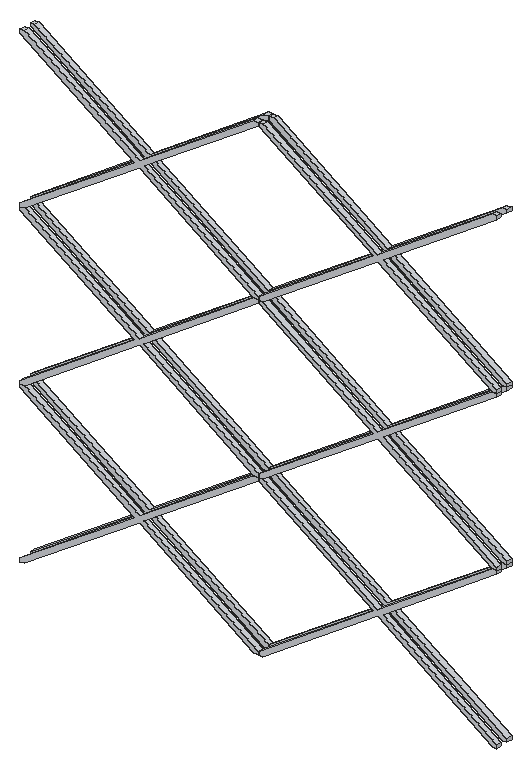
Revit family "M_Padrão do montante_diamante_3x2", category Modelos genéricos, Revit 2019
Family settings
  Pode hospedar o vergalhão = Não
  Cota do conector redondo = Utilizar diâmetro
  Tipo de parte = Normal
  Com base no plano de trabalho = Não
  Sempre na vertical = Sim
  Corte com vazios quando carregada = Não
  Compartilhado = Não
  Ponto de cálculo do ambiente = Não
Parameters
  Largura [instance] = 1200 mm
  Espessura = 12.7 mm
  Altura [instance] = 1200 mm
  Material interior [instance] = none
  Material externo [instance] = none
  Distância = 19.05 mm
Reference planes
  plane 1 "Centro (Frente/Trás)": y = 0
  plane 2: z = 0
  plane 3 "Centro (Esquerda/Direita)": x = 0
  plane 4: z = 1200
  plane 5: x = -600
  plane 6: x = 600
  plane 7: z = 800
  plane 8: z = 400
Dimensions and locks
  equal spacing: plane 6, plane 3 "Centro (Esquerda/Direita)", plane 5
  "Largura": plane 6 to plane 5
  "Altura": plane 4 to plane 2
  equal spacing: plane 4, plane 7, plane 8, plane 2
  aligned and locked: plane 2 to level
  aligned and locked: plane 3 "Centro (Esquerda/Direita)" to nested 2
  aligned and locked: plane 3 "Centro (Esquerda/Direita)" to nested 6
  aligned and locked: plane 3 "Centro (Esquerda/Direita)" to nested 1
  aligned and locked: plane 6 to nested 1
  aligned and locked: plane 6 to nested 6
  aligned and locked: plane 6 to nested 2
  aligned and locked: plane 3 "Centro (Esquerda/Direita)" to nested 3
  aligned and locked: plane 3 "Centro (Esquerda/Direita)" to nested 5
  aligned and locked: plane 3 "Centro (Esquerda/Direita)" to nested 4
  aligned and locked: plane 5 to nested 3
  aligned and locked: plane 5 to nested 5
  aligned and locked: plane 5 to nested 4
  aligned and locked: plane 2 to nested 3
  aligned and locked: plane 2 to nested 1
  aligned and locked: plane 8 to nested 3
  aligned and locked: plane 8 to nested 1
  aligned and locked: plane 8 to nested 5
  aligned and locked: plane 8 to nested 6
  aligned and locked: plane 7 to nested 5
  aligned and locked: plane 7 to nested 6
  aligned and locked: plane 7 to nested 4
  aligned and locked: plane 7 to nested 2
  aligned and locked: plane 4 to nested 4
  aligned and locked: plane 4 to nested 2
  aligned and locked: plane 1 "Centro (Frente/Trás)" to nested 1
  aligned and locked: plane 1 "Centro (Frente/Trás)" to nested 2
  aligned and locked: plane 1 "Centro (Frente/Trás)" to nested 3
  aligned and locked: plane 1 "Centro (Frente/Trás)" to nested 4
  aligned and locked: plane 1 "Centro (Frente/Trás)" to nested 6
  aligned and locked: plane 1 "Centro (Frente/Trás)" to nested 5
Nested families
  nested 1: "M_Padrão do montante_diamante" at (300, 0, 0), Material externo <- "Material externo", Material interior <- "Material interior", type "M_Padrão do montante_diamante"
    with W 600 mm, Material interior none, H 400 mm, Material externo none
  nested 2: "M_Padrão do montante_diamante" at (300, 0, 800), Material externo <- "Material externo", Material interior <- "Material interior", type "M_Padrão do montante_diamante"
    with W 600 mm, Material interior none, H 400 mm, Material externo none
  nested 3: "M_Padrão do montante_diamante" at (-300, 0, 0), Material externo <- "Material externo", Material interior <- "Material interior", type "M_Padrão do montante_diamante"
    with W 600 mm, Material interior none, H 400 mm, Material externo none
  nested 4: "M_Padrão do montante_diamante" at (-300, 0, 800), Material externo <- "Material externo", Material interior <- "Material interior", type "M_Padrão do montante_diamante"
    with W 600 mm, Material interior none, H 400 mm, Material externo none
  nested 5: "M_Padrão do montante_diamante" at (-300, 0, 400), Material externo <- "Material externo", Material interior <- "Material interior", type "M_Padrão do montante_diamante"
    with W 600 mm, Material interior none, H 400 mm, Material externo none
  nested 6: "M_Padrão do montante_diamante" at (300, 0, 400), Material externo <- "Material externo", Material interior <- "Material interior", type "M_Padrão do montante_diamante"
    with W 600 mm, Material interior none, H 400 mm, Material externo none
Definition of nested family "M_Padrão do montante_diamante"
  Parameters (values of type "M_Padrão do montante_diamante")
    W [instance] = 1200 mm
    Espessura = 12.7 mm
    H [instance] = 1200 mm
    Material interior [instance] = none
    Distância = 19.05 mm
    Material externo [instance] = none
  Reference planes
    plane 1 "Centro (Frente/Trás)": y = 0
    plane 2: z = 0
    plane 3 "Centro (Esquerda/Direita)": x = 0
    plane 4: z = 1200
    plane 5: x = -600
    plane 6: x = 600
    plane 7: z = 600
    plane 8: y = 9.525
    plane 9: y = -9.525
    plane 10: y = 22.225
    plane 11: y = -22.225
  Forms (mm)
    Extrusion 1, solid, material <- "Material externo", detail levels fine
      sketch origin (-600, 0, 1200) x (0.707107, 0, -0.707107) y (0.707107, 0, 0.707107)
        loop
          line (0, 6.35) -> (0, -6.35) -> (1697.056, -6.35) -> (1697.056, 6.35) -> (0, 6.35)
      from -22.225 to -9.525
    Extrusion 2, solid, material <- "Material externo", detail levels fine
      sketch origin (600, 0, 1200) x (-0.707107, 0, -0.707107) y (0.707107, 0, -0.707107)
        loop
          line (1697.056, 6.35) -> (0, 6.35) -> (0, -6.35) -> (1697.056, -6.35) -> (1697.056, 6.35)
      from -22.225 to -9.525
    Extrusion 3, void
      sketch origin (0, 0, 0) x (1, 0, 0) y (0, 0, 1)
        loop
          line (-600, 1200) -> (-600, 0) -> (600, 0) -> (600, 1200) -> (-600, 1200)
        loop
          line (-612.7, 1212.7) -> (-612.7, -12.7) -> (612.7, -12.7) -> (612.7, 1212.7) -> (-612.7, 1212.7)
      from -22.225 to 22.225
    Extrusion 4, solid, material <- "Material interior", detail levels fine
      sketch origin (-600, 0, 1200) x (0.707107, 0, -0.707107) y (0.707107, 0, 0.707107)
        loop
          line (0, 6.35) -> (0, -6.35) -> (1697.056, -6.35) -> (1697.056, 6.35) -> (0, 6.35)
      from 9.525 to 22.225
    Extrusion 5, solid, material <- "Material interior", detail levels fine
      sketch origin (600, 0, 1200) x (-0.707107, 0, -0.707107) y (0.707107, 0, -0.707107)
        loop
          line (0, -6.35) -> (1697.056, -6.35) -> (1697.056, 6.35) -> (0, 6.35) -> (0, -6.35)
      from 9.525 to 22.225
  Cuts and joins
    Extrusion 3 cuts Extrusion 1
    Extrusion 3 cuts Extrusion 2
    joined: Extrusion 1, Extrusion 2
    Extrusion 3 cuts Extrusion 4
    Extrusion 3 cuts Extrusion 5
    joined: Extrusion 4, Extrusion 5
  Lines and regions (mm)
    reference lines
      curve 1: line (-600, 0, 1200) -> (600, 0, 0)
      curve 2: line (600, 0, 1200) -> (-600, 0, 0)
      curve 3: line (-600, 0, 1200) -> (-447.336, 0, 1352.664)
      curve 4: line (600, 0, 0) -> (793.076, 0, 193.076)
      curve 5: line (-529.006, 0, 1120.026) -> (416.643, 0, 174.377)
      curve 6: line (-520.026, 0, 1129.006) -> (425.623, 0, 183.357)
      curve 7: line (600, 0, 1200) -> (469.786, 0, 1330.214)
      curve 8: line (-600, 0, 0) -> (-707.763, 0, 107.763)
      curve 9: line (-595.51, 0, -4.49) -> (557.214, 0, 1148.233)
      curve 10: line (-604.49, 0, 4.49) -> (548.233, 0, 1157.214)
    model lines, detail levels medium
      curve 11: line (600, 9.525, 0) -> (-600, 9.525, 1200)
      curve 12: line (600, 9.525, 1200) -> (-600, 9.525, 0)
      curve 13: line (600, -9.525, 0) -> (-600, -9.525, 1200)
      curve 14: line (600, -9.525, 1200) -> (-600, -9.525, 0)
  Dimensions and locks
    equal spacing: plane 6, plane 3 "Centro (Esquerda/Direita)", plane 5
    "W": plane 6 to plane 5
    "H": plane 4 to plane 2
    equal spacing: plane 4, plane 7, plane 2
    equal spacing: curve 5, curve 1, curve 6
    "Espessura": curve 5 to curve 6
    equal spacing: curve 9, curve 2, curve 10
    "Espessura": curve 9 to curve 10
    "Espessura": Extrusion 3 sketch curve to plane 6
    "Espessura": plane 2 to Extrusion 3 sketch curve
    "Espessura": plane 5 to Extrusion 3 sketch curve
    "Espessura": Extrusion 3 sketch curve to plane 4
    "Distância": plane 8 to plane 9
    equal spacing: plane 8, plane 1 "Centro (Frente/Trás)", plane 9
    "Espessura": plane 10 to plane 8
    "Espessura": plane 9 to plane 11
    locked: curve 1 to curve 3 (angle 90.00°)
    locked: curve 4 to curve 1 (angle 90.00°)
    locked: curve 7 to curve 2 (angle 90.00°)
    locked: curve 2 to curve 8 (angle 90.00°)
    aligned and locked: plane 2 to level
    aligned and locked: plane 4 to curve 1
    aligned and locked: plane 5 to curve 1
    aligned and locked: plane 2 to curve 2
    aligned and locked: plane 5 to curve 2
    aligned and locked: plane 6 to curve 1
    aligned and locked: plane 2 to curve 1
    aligned and locked: plane 6 to curve 2
    aligned and locked: plane 4 to curve 2
    aligned and locked: plane 4 to curve 3
    aligned and locked: plane 5 to curve 3
    aligned and locked: plane 6 to curve 4
    aligned and locked: plane 2 to curve 4
    aligned and locked: Extrusion 1 sketch curve to curve 5
    aligned and locked: Extrusion 1 sketch curve to curve 3
    aligned and locked: Extrusion 1 sketch curve to curve 6
    aligned and locked: curve 6 to Extrusion 1 sketch curve
    aligned and locked: curve 5 to Extrusion 1 sketch curve
    aligned and locked: Extrusion 1 sketch curve to curve 4
    aligned and locked: curve 4 to Extrusion 1 sketch curve
    aligned and locked: plane 5 to curve 8
    aligned and locked: plane 2 to curve 8
    aligned and locked: plane 6 to curve 7
    aligned and locked: plane 4 to curve 7
    aligned and locked: Extrusion 2 sketch curve to curve 10  (x2)
    aligned and locked: Extrusion 2 sketch curve to curve 8  (x2)
    aligned and locked: curve 9 to Extrusion 2 sketch curve  (x2)
    aligned and locked: curve 7 to Extrusion 2 sketch curve
    aligned and locked: plane 5 to Extrusion 3 sketch curve
    aligned and locked: Extrusion 3 sketch curve to plane 4
    aligned and locked: Extrusion 3 sketch curve to plane 6
    aligned and locked: plane 2 to Extrusion 3 sketch curve
    aligned and locked: plane 10 to cut or joined group of Extrusion 1, Extrusion 2, Extrusion 3  (x2)
    aligned and locked: cut or joined group of Extrusion 1, Extrusion 2, Extrusion 3 to plane 8  (x2)
    aligned and locked: plane 10 to Extrusion 3
    aligned and locked: Extrusion 3 to plane 11
    aligned and locked: curve 3 to Extrusion 4 sketch curve
    aligned and locked: Extrusion 4 sketch curve to curve 3
    aligned and locked: Extrusion 4 sketch curve to curve 6
    aligned and locked: Extrusion 4 sketch curve to curve 5
    aligned and locked: Extrusion 4 sketch curve to curve 4
    aligned and locked: curve 6 to Extrusion 4 sketch curve
    aligned and locked: curve 5 to Extrusion 4 sketch curve
    aligned and locked: Extrusion 5 sketch curve to curve 9
    aligned and locked: Extrusion 5 sketch curve to curve 10
    aligned and locked: Extrusion 5 sketch curve to curve 7  (x2)
    aligned and locked: Extrusion 5 sketch curve to curve 8  (x2)
    aligned and locked: curve 9 to Extrusion 5 sketch curve
    aligned and locked: curve 10 to Extrusion 5 sketch curve
    aligned and locked: Extrusion 4 to plane 11
    aligned and locked: Extrusion 5 to plane 11
    aligned and locked: plane 9 to Extrusion 4
    aligned and locked: plane 9 to Extrusion 5
    aligned and locked: plane 2 to curve 11
    aligned and locked: plane 6 to curve 11
    aligned and locked: plane 5 to curve 11
    aligned and locked: plane 4 to curve 11
    aligned and locked: plane 5 to curve 12
    aligned and locked: plane 2 to curve 12
    aligned and locked: plane 4 to curve 12
    aligned and locked: plane 6 to curve 12
    aligned and locked: plane 2 to curve 13
    aligned and locked: plane 6 to curve 13
    aligned and locked: plane 4 to curve 14
    aligned and locked: plane 6 to curve 14
    aligned and locked: plane 4 to curve 13
    aligned and locked: plane 5 to curve 13
    aligned and locked: plane 2 to curve 14
    aligned and locked: plane 5 to curve 14
  Automatic sketch dimensions
    curve 1 to curve 6 = 106.751 mm
    curve 1 to curve 5 = 106.751 mm
    curve 5 to curve 1 = 252.956 mm
    curve 6 to curve 5 = 0 mm
    curve 2 to curve 9 = 0 mm
    curve 2 to curve 9 = 66.859 mm
    curve 2 to curve 10 = 66.859 mm
